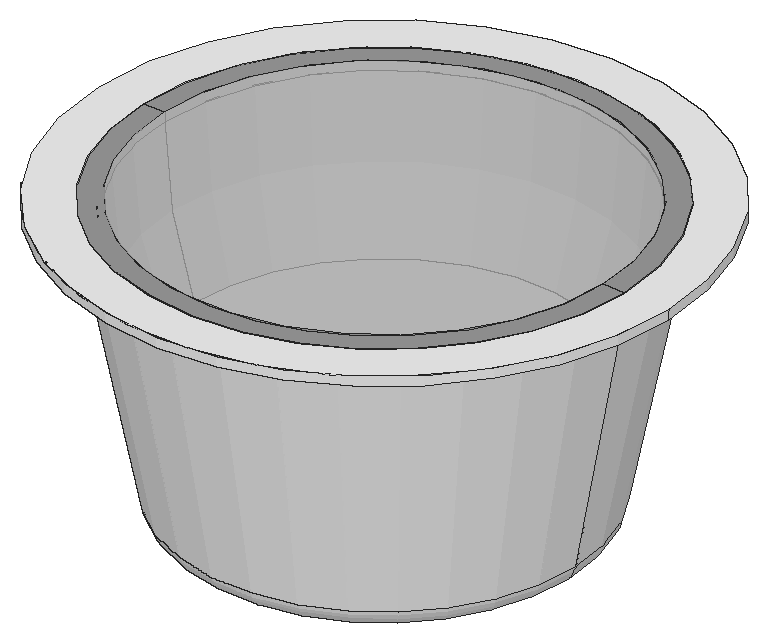
Revit family "2059297 Lighting Fixture_Sylvania_Ascent 100 Arch(160)-Very High Output_Ceiling Recessed", category Lighting Fixtures, host Face, Revit 2017
Family settings
  Host = Face
  Round Connector Dimension = Use Diameter
  Part Type = Normal
  OmniClass Number = 23.80.70.11.17
  OmniClass Title = Specialized Lighting by Location or Use
  Cut with Voids When Loaded = No
  Light Source = Yes
  Shared = No
  Room Calculation Point = No
Parameters (values of type "Asct100 Arch VVHO 3K STD 160")
  Reflector Radius = Radius - 14.5 mm  # 80.0 mm
  Reflector Material = Aluminium_Sylvania_Ascent_Silver
  Radius = 94.5 mm
  Life = "50 000h"  # constant formula
  IP Rating = "IP44"  # constant formula
  IK Rating = "IK02"  # constant formula
  Height = 94.0 mm
  Wattage = 27.8144 W
  built-in parameter 1150110 = 1 (stored number, unit not read)
  Voltage Comments = "UNV (Universal Voltage; 220-240 Volt)"  # constant formula
  Voltage = 240 V  # constant formula
  URL = "https://www.sylvania-lighting.com/"
  built-in parameter 1114217 = 1 (stored number, unit not read)
  Tilt Angle = -90°
  built-in parameter 1150109 = 1 (stored number, unit not read)
  built-in parameter 1150134 = (empty or 0)
  built-in parameter 1150113 = 1 (stored number, unit not read)
  Product Page URL = "https://www.sylvania-lighting.com/product/en-int/products/2059297"
  Product Family = "Ascent 100 Arch (160) - Very High Output"  # constant formula
  Photometry Comments = ""
  Photometric Web File = "2059297_Asct100ArchVVHO3KSTD160-189730.ies"
  Glow Wire Test = 850 °C
  Emit from Circle Diameter = 2 * Diffuser Radius  # 146.0 mm
  Emit Shape Visible in Rendering = no
  Drive Current = "1400mA"  # constant formula
  Diffuser Radius = Reflector Radius - 7.0 mm  # 73.0 mm
  Diffuser Material = Polycarbonate_Sylvania_Ascent_Clear
  Diameter = 2 * Radius  # 189.0 mm
  Cutout Diameter = Diameter - 13.0 mm  # 176.0 mm
  built-in parameter 1114216 [instance] = 1 (stored number, unit not read)
  Model = "Asct100 Arch VVHO 3K STD 160"
  Manufacturer = "Feilo-Sylvania Group"
  built-in parameter 1150105 = 1407.2 (stored number, unit not read)
  Lumens = 2997 lm
  built-in parameter 1150115 = 1 (stored number, unit not read)
  built-in parameter 1150137 = (empty or 0)
  built-in parameter 1150139 = (empty or 0)
  built-in parameter 1150112 = 1 (stored number, unit not read)
  built-in parameter 1150114 = 1 (stored number, unit not read)
  Lamp = "Integrated LED"
  built-in parameter 1150132 = 2
  built-in parameter 1150102 = (empty or 0)
  built-in parameter 1150107 = 3000 (stored number, unit not read)
  built-in parameter 1150138 = (empty or 0)
  built-in parameter 1150106 = 14.072 (stored number, unit not read)
  Body Material = Aluminum_Sylvania_Ascent_White
  built-in parameter 1150104 = 10.01 (stored number, unit not read)
  Dimming Lamp Color Temperature Shift = <None>
  Description = "Direct LED retro fit for original LED 100 Arch (160) single CFL lamp offering Matching lumen levels and improved light distribution of original LED 100 CFL lamp equivalents Typically half the power consumption compared to CFL Up to 112lm/W 160mm aperture Architectural reflector accepts range of glass accessories from existing LED 100 Arch 160 offering HE, HO and VHO versions equivalent of single 1 x 18W, 1 x 32W, 1 x 42W\r\n Additional VVHO versions which offer the performance circa 2 x 32W equivalent"  # constant formula
  Default Elevation = 0.0 mm
  Color Filter = 16777215
  Catalog Number = "2059297 Asct100 Arch VVHO 3K STD 160"
  built-in parameter 1140040 [instance] = 1
  built-in parameter 1114218 = 1 (stored number, unit not read)
  built-in parameter 1150133 = 10 (stored number, unit not read)
  Assembly Code = "D5020200"
  Apparent Load Comments = ""
  Apparent Load = 35 VA
  Aperture = 2 * Reflector Radius  # 160.0 mm
  Accessory Material = Aluminum_Sylvania_Ascent_White
Reference planes
  plane 1 "Center (Front/Back)": y = 0
  plane 2: z = 0
  plane 3 "Center (Left/Right)": x = 0
  plane 4 "Fixture Bottom": z = 3
  plane 5: z = -52.5
  plane 6 "Fixture Top": z = -91
Forms (mm)
  Extrusion 1, solid, material "Aluminum_Sylvania_Ascent_White" <- "Accessory Material", detail levels fine
    sketch origin (0, 0, 0) x (1, 0, 0) y (0, 1, 0)
      loop
        circle (0, 0) r 94.5
      loop
        circle (0, 0) r 80
    from 0 to 3
  Extrusion 2, void
    sketch origin (0, 0, 0) x (1, 0, 0) y (0, 1, 0)
      loop
        circle (0, 0) r 88
    from -91 to 3
  Revolve 3, solid, material "Aluminum_Sylvania_Ascent_White" <- "Body Material", detail levels fine
    sketch origin (0, 0, 0) x (1, 0, 0) y (0, 0, 1)
      loop
        line (0, -91.073) -> (0, -89.023) -> (-55.468, -89.014)
        arc (-55.468, -89.014) -> (-59.352, -87.613) -> (-61.54, -84.139) r 6.307
        line (-61.54, -84.139) -> (-77.991, -2.844) -> (-77.991, 0) -> (-80, 0) -> (-80, -3) -> (-63.5, -84.536)
        arc (-63.5, -84.536) -> (-60.643, -89.203) -> (-55.5, -91.073) r 8.291
        line (-55.5, -91.073) -> (0, -91.073)
      axis (0, 0) -> (0, -91.073)
    angle from 0 to 360
  Revolve 4, solid, material "Aluminium_Sylvania_Ascent_Silver" <- "Reflector Material", detail levels fine
    sketch origin (0, 0, 0) x (1, 0, 0) y (0, 0, 1)
      loop
        line (-80, 3) -> (-80, 0) -> (-75, 0)
        arc (-75, 0) -> (-72.349, -26.77) -> (-64.5, -52.5) r 136.5
        line (-64.5, -52.5) -> (-58, -52.5)
        arc (-58, -52.5) -> (-56.857, -61.521) -> (-53.5, -69.971) r 36.166
        line (-53.5, -69.971) -> (0, -69.971) -> (0, -50.5) -> (-63.16, -50.5)
        arc (-63.16, -50.5) -> (-70.517, -25.725) -> (-73, 0) r 134.5
        line (-73, 0) -> (-73, 3) -> (-80, 3)
      axis (0, 3) -> (0, -69.971)
    angle from 0 to 360
  Extrusion 5, solid, material "Polycarbonate_Sylvania_Ascent_Clear" <- "Diffuser Material", detail levels fine
    sketch origin (0, 0, 0) x (1, 0, 0) y (0, 1, 0)
      loop
        circle (0, 0) r 73
    from 0 to 3
  Revolve 6, solid, material "Aluminum_Sylvania_Ascent_White" <- "Accessory Material", detail levels coarse+medium
    sketch origin (0, 0, 0) x (1, 0, 0) y (0, 0, 1)
      loop
        line (0, -91.073) -> (0, 3) -> (-94.5, 3) -> (-94.5, 0) -> (-79.5, 0) -> (-79.5, -3) -> (-63, -84.536)
        arc (-63, -84.536) -> (-60.143, -89.203) -> (-55, -91.073) r 8.291
        line (-55, -91.073) -> (0, -91.073)
      axis (0, 3) -> (0, -91.073)
    angle from 0 to 360
Dimensions and locks
  locked: plane 4 "Fixture Bottom" to plane 2 at 3
  "Height": plane 4 "Fixture Bottom" to plane 6 "Fixture Top"
  "Reflector Radius": plane 3 "Center (Left/Right)" to Revolve 4 sketch curve
  locked: Revolve 4 sketch curve to Revolve 4 sketch curve at 15.5
  locked: Revolve 4 sketch curve to Revolve 4 sketch curve at 5
  locked: Revolve 4 sketch curve to Revolve 4 sketch curve at 7
  locked: Revolve 4 sketch curve to Revolve 4 sketch curve at 22
  locked: Revolve 4 sketch curve to Revolve 4 sketch curve at 26.5
  locked: Revolve 3 sketch curve to Revolve 3 sketch curve at 16.5
  locked: Revolve 3 sketch curve to Revolve 3 sketch curve at 24.5
  "Reflector Radius": Revolve 3 sketch curve to plane 3 "Center (Left/Right)"
  locked: Revolve 3 sketch curve to plane 6 "Fixture Top" at 6.464
  locked: plane 2 to Revolve 3 sketch curve at 3
  locked: Revolve 3 sketch curve to Revolve 3 sketch curve at 2
  locked: Revolve 3 sketch curve to Revolve 3 sketch curve at 2.009
  locked: plane 2 to plane 5 at 52.5
  locked: Revolve 6 sketch curve to Revolve 6 sketch curve at 31.5
  locked: Revolve 6 sketch curve to Revolve 6 sketch curve at 39.5
  locked: Revolve 6 sketch curve to Revolve 6 sketch curve at 15
  "Radius": plane 3 "Center (Left/Right)" to Revolve 6 sketch curve
  "Cutout Diameter": diameter of Extrusion 2 sketch curve
  "Reflector Radius": radius of Extrusion 1 sketch curve
  "Diffuser Radius": radius of Extrusion 5 sketch curve
  "Radius": radius of Extrusion 1 sketch curve
  aligned and locked: host face to plane 2
  aligned and locked: host face to level
  aligned and locked: plane 1 "Center (Front/Back)" to imposter light
  aligned and locked: plane 3 "Center (Left/Right)" to imposter light
  aligned and locked: plane 4 "Fixture Bottom" to Extrusion 1
  aligned and locked: Extrusion 1 to plane 2
  aligned and locked: Revolve 3 sketch curve to plane 3 "Center (Left/Right)"
  aligned and locked: Revolve 4 sketch curve to plane 3 "Center (Left/Right)"  (x2)
  aligned and locked: plane 4 "Fixture Bottom" to Revolve 4 sketch curve
  aligned and locked: Revolve 3 sketch curve to imposter light
  aligned and locked: Extrusion 5 to plane 2
  aligned and locked: imposter light to Extrusion 5
  aligned and locked: plane 2 to Revolve 3 sketch curve  (x2)
  aligned and locked: Revolve 6 sketch curve to imposter light
  aligned and locked: Revolve 6 sketch curve to plane 3 "Center (Left/Right)"
  aligned and locked: plane 6 "Fixture Top" to Extrusion 2
  aligned and locked: imposter light to Extrusion 2
  aligned and locked: imposter light to plane 4 "Fixture Bottom"
Automatic sketch dimensions
  plane 1 "Center (Front/Back)" to Extrusion 2 sketch curve = 0.0 mm
  Extrusion 2 sketch curve to plane 3 "Center (Left/Right)" = 0.0 mm
  Extrusion 1 sketch curve to Extrusion 1 sketch curve = 0.0 mm  (x2)
  plane 1 "Center (Front/Back)" to Extrusion 1 sketch curve = 0.0 mm
  Extrusion 1 sketch curve to plane 3 "Center (Left/Right)" = 0.0 mm
  plane 6 "Fixture Top" to Revolve 3 sketch curve = 0.073 mm
  Revolve 3 sketch curve to plane 6 "Fixture Top" = 6.861 mm
  Revolve 3 sketch curve to Revolve 3 sketch curve = 0.003 mm
  Revolve 3 sketch curve to Revolve 3 sketch curve = 0.009 mm  (x2)
  Revolve 3 sketch curve to Revolve 3 sketch curve = 0.023 mm
  Revolve 3 sketch curve to Revolve 3 sketch curve = 0.072 mm
  Revolve 3 sketch curve to Revolve 3 sketch curve = 0.008 mm
  Revolve 3 sketch curve to plane 6 "Fixture Top" = 1.977 mm
  Revolve 3 sketch curve to Revolve 3 sketch curve = 33.496 mm
  Revolve 3 sketch curve to Revolve 3 sketch curve = 0.028 mm
  plane 4 "Fixture Bottom" to Revolve 3 sketch curve = 82.431 mm
  Revolve 4 sketch curve to Revolve 4 sketch curve = 0.0 mm  (x2)
  Revolve 4 sketch curve to plane 5 = 0.0 mm
  Revolve 4 sketch curve to level = 0.0 mm
  plane 5 to Revolve 4 sketch curve = 2.0 mm
  plane 4 "Fixture Bottom" to Revolve 4 sketch curve = 9.642 mm
  plane 1 "Center (Front/Back)" to Extrusion 5 sketch curve = 0.0 mm
  Extrusion 5 sketch curve to plane 3 "Center (Left/Right)" = 0.0 mm
  Revolve 4 sketch curve to level = 69.971 mm
  Revolve 4 sketch curve to Revolve 4 sketch curve = 2.387 mm
  Revolve 6 sketch curve to level = 0.0 mm
  Revolve 6 sketch curve to plane 3 "Center (Left/Right)" = 0.0 mm
  Revolve 6 sketch curve to Revolve 6 sketch curve = 8.104 mm
  Revolve 6 sketch curve to level = 3.0 mm
  Revolve 6 sketch curve to plane 6 "Fixture Top" = 6.464 mm
  plane 6 "Fixture Top" to Revolve 6 sketch curve = 0.073 mm
  Revolve 6 sketch curve to Revolve 6 sketch curve = 33.496 mm
  plane 4 "Fixture Bottom" to Revolve 6 sketch curve = 82.431 mm
  host sketch curve to host sketch curve = 1704.996 mm
  host sketch curve to host sketch curve = 1500.0 mm
Connectors
  electrical at (0, 0, -91.073), driven by "Voltage", driven by "Apparent Load"
    settings: on Revolve 3, index 1, voltage 240 V, apparent load 0 VA, apparent load phase1 35 VA, apparent load phase2 0 VA, apparent load phase3 0 VA, power factor 1, load classification "Lighting", number of poles 1, system type 31, power factor state 1, is connector primary yes, connector utility no, sub classification motor no, connector description ""
